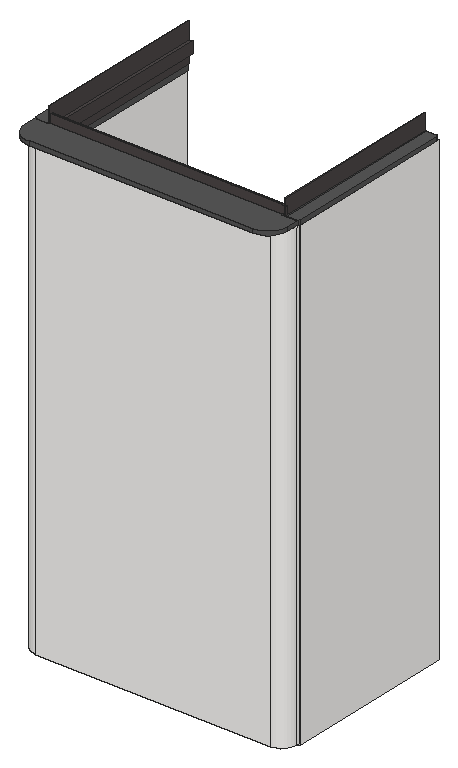
Revit family "vanity unit for handrinse basin, door hinge", category Furniture, Revit 2019 (continued)
Definition of nested family "vanity unit 340_245 for handrinse basin, door hinge left-54013670-natural oak-matt_black-200_content"
  Parameters (values of type "Vanity unit 340_245 for handrinse basin, door hinge left-54013670-Natural Oak-MATT_BLACK-200_Content")
    IFC = "Furnishing element"
    GTINCODE = "4059625455074"
    ETIM = "EC011381 | Bathroom furniture set"
    Default Elevation = 1219.2 mm
    DESIGN = "Germany"
    ContentVisible [instance] = yes
    CATALOG = "Hansgrohe"
    BIMOBJECT = "Sanitary: Compound units"
    BASENUMBER = "Vanity unit 340/245 for handrinse basin, door hinge left"
    ARTNR = "54013670"
  Reference planes
    plane 1 "Center (Front/Back)": y = 0
    plane 2: z = 0
    plane 3 "Center (Left/Right)": x = 0
  Forms (mm)
    Extrusion 1, solid, visible <- "ContentVisible", detail levels medium+fine
      sketch origin (0, 0, 0) x (1, 0, 0) y (0, 1, 0)
        loop
          line (-170, 0) -> (-170, -246) -> (170, -246) -> (170, 0) -> (154, 0) -> (154, -72) -> (-154, -72) -> (-154, 0) -> (-170, 0)
      from 0 to 600
    Extrusion 2, solid, visible <- "ContentVisible", detail levels medium+fine
      sketch origin (0, 0, 600) x (1, 0, 0) y (0, 1, 0)
        loop
          line (-168.5, -223.5) -> (-168.5, -266) -> (168.5, -266) -> (168.5, -223.5) -> (-168.5, -223.5)
      from 0 to 5
    Extrusion 3, solid, visible <- "ContentVisible", detail levels medium+fine
      sketch origin (0, 0, 0) x (1, 0, 0) y (0, 0, -1)
        loop
          line (-154, -566.8) -> (-154, -605) -> (-152.5, -605) -> (-152.5, -566.8) -> (-154, -566.8)
      from -225 to 0
    Extrusion 4, solid, visible <- "ContentVisible", detail levels medium+fine
      sketch origin (0, 0, 0) x (1, 0, 0) y (0, 0, -1)
        loop
          line (152.5, -566.8) -> (152.5, -605) -> (154, -605) -> (154, -566.8) -> (152.5, -566.8)
      from -225 to 0
    Extrusion 5, solid, visible <- "ContentVisible", detail levels medium+fine
      sketch origin (0, 0, 600) x (1, 0, 0) y (0, 1, 0)
        loop
          line (-170, 0) -> (-170, -225) -> (-154, -225) -> (-154, 0) -> (-170, 0)
      from 0 to 5
    Extrusion 6, solid, visible <- "ContentVisible", detail levels medium+fine
      sketch origin (0, 0, 600) x (1, 0, 0) y (0, 1, 0)
        loop
          line (154, 0) -> (154, -225) -> (170, -225) -> (170, 0) -> (154, 0)
      from 0 to 5
    Extrusion 7, solid, visible <- "ContentVisible", detail levels medium+fine
      sketch origin (0, 0, 0) x (1, 0, 0) y (0, 0, -1)
        loop
          line (-152.5, -575.3) -> (-152.5, -624.5) -> (-146.4, -624.5) -> (-146.4, -575.3) -> (-152.5, -575.3)
      from -223.5 to 0
    Extrusion 8, solid, visible <- "ContentVisible", detail levels medium+fine
      sketch origin (0, 0, 0) x (1, 0, 0) y (0, 0, -1)
        loop
          line (146.4, -575.3) -> (146.4, -624.5) -> (152.5, -624.5) -> (152.5, -575.3) -> (146.4, -575.3)
      from -223.5 to 0
    Extrusion 9, solid, visible <- "ContentVisible", detail levels medium+fine
      sketch origin (0, 0, 0) x (0, 0, -1) y (0, 1, 0)
        loop
          line (-616, -223.5) -> (-567, -223.5) -> (-567, -217.4) -> (-616, -217.4) -> (-616, -223.5)
      from -152.5 to 152.5
    Extrusion 10, solid, visible <- "ContentVisible", detail levels coarse
      sketch origin (0, -133, 0) x (1, 0, 0) y (0, 1, 0)
        loop
          line (-170, -133) -> (170, -133) -> (170, 133) -> (-170, 133) -> (-170, -133)
      from 0 to 624.5
  Dimensions and locks
    aligned and locked: level to plane 2
Definition of nested family "vanity unit 340_245 for handrinse basin, door hinge left-54013670-natural oak-matt_black-400_content"
  Parameters (values of type "Vanity unit 340_245 for handrinse basin, door hinge left-54013670-Natural Oak-MATT_BLACK-400_Content")
    etim7_EC011381 = "EC011381"
    WEIGHT = "9.9"
    UNSPSC = "56 | Furniture and Furnishings"
    UNIFORMATII = "E2010 | Fixed Furnishings"
    UNICLASS_2015_CODE = "40_30_78_05"
    UNICLASS2015 = "Pr_40_30_78_05 | Bathroom furniture"
    SURFACE = "MATT_BLACK"
    REGIONSET = "Worldwide"
    PRODUCTURL = "https://pro.hansgrohe.com/articledetail--54013000"
    PRODUCTGROUP = "vanity unit"
    PRODUCTFAMILY = "Xelu Q"
    PERMALINK = "54013XXX"
    OMNICLASS = "23-21 19 15 33 13 | Residential Bathroom Specialty Casework"
    OBJECTTYPE = "Object (single object)"
    OBERFLAECHE = "Natural Oak"
    NN = "Vanity Unit for handrinse basin, door hinge"
    NBSYN = "$BASENUMBER.-$ARTNR.-$OBERFLAECHE.-$SURFACE.-$LODLEVEL."
    NB = "Vanity unit 340/245 for handrinse basin, door hinge left-54013670-Natural Oak-MATT_BLACK-400"
    NAME = "Xelu Q Vanity unit Natual Oak 340/245 for handrinse basin, door hinge left"
    Model = "Vanity unit 340/245 for handrinse basin, door hinge left-54013670-Natural Oak-MATT_BLACK-400"
    Manufacturer = "Hansgrohe"
    MASTERFORMAT = "12 35 30.23 | Bathroom Casework"
    LODLEVEL = "400"
    LINA = "Vanity unit 340/245 for handrinse basin, door hinge left-54013670-Natural Oak-MATT_BLACK-400"
    L = 340
    IFC = "Furnishing element"
    GTINCODE = "4059625455074"
    ETIM = "EC011381 | Bathroom furniture set"
    Default Elevation = 1219.2 mm
    DESIGN = "Germany"
    ContentVisible [instance] = yes
    CATALOG = "Hansgrohe"
    BIMOBJECT = "Sanitary: Compound units"
    BASENUMBER = "Vanity unit 340/245 for handrinse basin, door hinge left"
    ARTNR = "54013670"
  Reference planes
    plane 1 "Center (Front/Back)": y = 0
    plane 2: z = 0
    plane 3 "Center (Left/Right)": x = 0
  Forms (mm)
    Extrusion 1, solid, visible <- "ContentVisible", detail levels medium+fine
      sketch origin (0, 0, 0) x (1, 0, 0) y (0, 1, 0)
        loop
          line (-170, 0) -> (-170, -222)
          arc (-170, -222) -> (-169.121, -224.121) -> (-167, -225) r 3
          line (-167, -225) -> (-154, -225) -> (-154, 0) -> (-170, 0)
      from 0 to 600
    Extrusion 2, solid, visible <- "ContentVisible", detail levels medium+fine
      sketch origin (0, 0, 2) x (1, 0, 0) y (0, 1, 0)
        loop
          line (-154, -88) -> (-154, -225) -> (154, -225) -> (154, -88) -> (-154, -88)
      from 0 to 16
    Extrusion 3, solid, visible <- "ContentVisible", detail levels medium+fine
      sketch origin (0, 0, 0) x (1, 0, 0) y (0, 1, 0)
        loop
          line (154, 0) -> (154, -225) -> (167, -225)
          arc (167, -225) -> (169.121, -224.121) -> (170, -222) r 3
          line (170, -222) -> (170, 0) -> (154, 0)
      from 0 to 600
    Extrusion 4, solid, visible <- "ContentVisible", detail levels medium+fine
      sketch origin (0, 0, 2) x (1, 0, 0) y (0, 1, 0)
        loop
          line (-154, -72) -> (-154, -88) -> (154, -88) -> (154, -72) -> (-154, -72)
      from 0 to 126
    Extrusion 5, solid, visible <- "ContentVisible", detail levels medium+fine
      sketch origin (0, 0, 2) x (1, 0, 0) y (0, 1, 0)
        loop
          arc (-170, -227) -> (-164.435, -240.435) -> (-151, -246) r 19
          line (-151, -246) -> (151, -246)
          arc (151, -246) -> (164.435, -240.435) -> (170, -227) r 19
          line (170, -227) -> (170, -225) -> (-170, -225) -> (-170, -227)
      from 0 to 598
    Extrusion 6, solid, visible <- "ContentVisible", detail levels medium+fine
      sketch origin (0, 0, 600) x (1, 0, 0) y (0, 1, 0)
        loop
          line (-168.5, -225) -> (-168.5, -241)
          arc (-168.5, -241) -> (-161.178, -258.678) -> (-143.5, -266) r 25
          line (-143.5, -266) -> (143.5, -266)
          arc (143.5, -266) -> (161.178, -258.678) -> (168.5, -241) r 25
          line (168.5, -241) -> (168.5, -225) -> (148.5, -225) -> (148.5, -223.5) -> (-148.5, -223.5) -> (-148.5, -225) -> (-168.5, -225)
      from 0 to 5
    Extrusion 7, solid, visible <- "ContentVisible", detail levels medium+fine
      sketch origin (0, 0, 0) x (0, 0, -1) y (0, 1, 0)
        loop
          line (-600, -223.5) -> (-600, -225) -> (-570, -225) -> (-570, -223.5) -> (-600, -223.5)
      from -148.5 to 148.5
    Extrusion 8, solid, visible <- "ContentVisible", detail levels medium+fine
      sketch origin (0, 0, 0) x (1, 0, 0) y (0, 0, -1)
        loop
          line (-154, -566.8) -> (-154, -605) -> (-152.5, -605) -> (-152.5, -566.8) -> (-154, -566.8)
      from -225 to 0
    Extrusion 9, solid, visible <- "ContentVisible", detail levels medium+fine
      sketch origin (0, 0, 0) x (1, 0, 0) y (0, 0, -1)
        loop
          line (152.5, -566.8) -> (152.5, -605) -> (154, -605) -> (154, -566.8) -> (152.5, -566.8)
      from -225 to 0
    Extrusion 10, solid, visible <- "ContentVisible", detail levels medium+fine
      sketch origin (0, 0, 600) x (1, 0, 0) y (0, 1, 0)
        loop
          line (-170, -3) -> (-170, -222)
          arc (-170, -222) -> (-169.121, -224.121) -> (-167, -225) r 3
          line (-167, -225) -> (-154, -225) -> (-154, 0) -> (-167, 0)
          arc (-167, 0) -> (-169.121, -0.879) -> (-170, -3) r 3
      from 0 to 5
    Extrusion 11, solid, visible <- "ContentVisible", detail levels medium+fine
      sketch origin (0, 0, 600) x (1, 0, 0) y (0, 1, 0)
        loop
          line (154, 0) -> (154, -225) -> (167, -225)
          arc (167, -225) -> (169.121, -224.121) -> (170, -222) r 3
          line (170, -222) -> (170, -3)
          arc (170, -3) -> (169.121, -0.879) -> (167, 0) r 3
          line (167, 0) -> (154, 0)
      from 0 to 5
    Extrusion 12, solid, visible <- "ContentVisible", detail levels medium+fine
      sketch origin (0, 0, 0) x (1, 0, 0) y (0, 0, -1)
        loop
          line (-152.5, -575.3) -> (-152.5, -624.5) -> (-151, -624.5) -> (-151, -602.8) -> (-146.4, -602.8) -> (-146.4, -588.3) -> (-151, -588.3) -> (-151, -575.3) -> (-152.5, -575.3)
      from -223.5 to 0
    Extrusion 13, solid, visible <- "ContentVisible", detail levels medium+fine
      sketch origin (0, 0, 0) x (1, 0, 0) y (0, 0, -1)
        loop
          line (146.4, -588.3) -> (146.4, -602.8) -> (151, -602.8) -> (151, -624.5) -> (152.5, -624.5) -> (152.5, -575.3) -> (151, -575.3) -> (151, -588.3) -> (146.4, -588.3)
      from -223.5 to 0
    Extrusion 14, solid, visible <- "ContentVisible", detail levels medium+fine
      sketch origin (0, 0, 0) x (0, 0, -1) y (0, 1, 0)
        loop
          line (-616, -223.5) -> (-567, -223.5) -> (-567, -222) -> (-588.5, -222) -> (-588.5, -217.4) -> (-603, -217.4) -> (-603, -222) -> (-616, -222) -> (-616, -223.5)
      from -152.5 to 152.5
    Extrusion 15, solid, visible <- "ContentVisible", detail levels coarse
      sketch origin (0, -133, 0) x (1, 0, 0) y (0, 1, 0)
        loop
          line (-170, -133) -> (170, -133) -> (170, 133) -> (-170, 133) -> (-170, -133)
      from 0 to 624.5
  Dimensions and locks
    aligned and locked: level to plane 2
Definition of nested family "vanity unit 340_245 for handrinse basin, door hinge left-54013700-natural oak-matt_white-200_content"
  Parameters (values of type "Vanity unit 340_245 for handrinse basin, door hinge left-54013700-Natural Oak-MATT_WHITE-200_Content")
    etim7_EC011381 = "EC011381"
    WEIGHT = "9.9"
    UNSPSC = "56 | Furniture and Furnishings"
    UNIFORMATII = "E2010 | Fixed Furnishings"
    UNICLASS_2015_CODE = "40_30_78_05"
    UNICLASS2015 = "Pr_40_30_78_05 | Bathroom furniture"
    SURFACE = "MATT_WHITE"
    REGIONSET = "Worldwide"
    PRODUCTURL = "https://pro.hansgrohe.com/articledetail--54013000"
    PRODUCTGROUP = "vanity unit"
    PRODUCTFAMILY = "Xelu Q"
    PERMALINK = "54013XXX"
    OMNICLASS = "23-21 19 15 33 13 | Residential Bathroom Specialty Casework"
    OBJECTTYPE = "Object (single object)"
    OBERFLAECHE = "Natural Oak"
    NN = "Vanity Unit for handrinse basin, door hinge"
    NBSYN = "$BASENUMBER.-$ARTNR.-$OBERFLAECHE.-$SURFACE.-$LODLEVEL."
    NB = "Vanity unit 340/245 for handrinse basin, door hinge left-54013700-Natural Oak-MATT_WHITE-200"
    NAME = "Xelu Q Vanity unit Natual Oak 340/245 for handrinse basin, door hinge left"
    Model = "Vanity unit 340/245 for handrinse basin, door hinge left-54013700-Natural Oak-MATT_WHITE-200"
    Manufacturer = "Hansgrohe"
    MASTERFORMAT = "12 35 30.23 | Bathroom Casework"
    LODLEVEL = "200"
    LINA = "Vanity unit 340/245 for handrinse basin, door hinge left-54013700-Natural Oak-MATT_WHITE-200"
    L = 340
    IFC = "Furnishing element"
    GTINCODE = "4059625455074"
    ETIM = "EC011381 | Bathroom furniture set"
    Default Elevation = 1219.2 mm
    DESIGN = "Germany"
    ContentVisible [instance] = yes
    CATALOG = "Hansgrohe"
    BIMOBJECT = "Sanitary: Compound units"
    BASENUMBER = "Vanity unit 340/245 for handrinse basin, door hinge left"
    ARTNR = "54013700"
  Reference planes
    plane 1 "Center (Front/Back)": y = 0
    plane 2: z = 0
    plane 3 "Center (Left/Right)": x = 0
  Forms (mm)
    Extrusion 1, solid, visible <- "ContentVisible", detail levels medium+fine
      sketch origin (0, 0, 0) x (1, 0, 0) y (0, 1, 0)
        loop
          line (-170, 0) -> (-170, -246) -> (170, -246) -> (170, 0) -> (154, 0) -> (154, -72) -> (-154, -72) -> (-154, 0) -> (-170, 0)
      from 0 to 600
    Extrusion 2, solid, visible <- "ContentVisible", detail levels medium+fine
      sketch origin (0, 0, 600) x (1, 0, 0) y (0, 1, 0)
        loop
          line (-168.5, -223.5) -> (-168.5, -266) -> (168.5, -266) -> (168.5, -223.5) -> (-168.5, -223.5)
      from 0 to 5
    Extrusion 3, solid, visible <- "ContentVisible", detail levels medium+fine
      sketch origin (0, 0, 0) x (1, 0, 0) y (0, 0, -1)
        loop
          line (-154, -566.8) -> (-154, -605) -> (-152.5, -605) -> (-152.5, -566.8) -> (-154, -566.8)
      from -225 to 0
    Extrusion 4, solid, visible <- "ContentVisible", detail levels medium+fine
      sketch origin (0, 0, 0) x (1, 0, 0) y (0, 0, -1)
        loop
          line (152.5, -566.8) -> (152.5, -605) -> (154, -605) -> (154, -566.8) -> (152.5, -566.8)
      from -225 to 0
    Extrusion 5, solid, visible <- "ContentVisible", detail levels medium+fine
      sketch origin (0, 0, 600) x (1, 0, 0) y (0, 1, 0)
        loop
          line (-170, 0) -> (-170, -225) -> (-154, -225) -> (-154, 0) -> (-170, 0)
      from 0 to 5
    Extrusion 6, solid, visible <- "ContentVisible", detail levels medium+fine
      sketch origin (0, 0, 600) x (1, 0, 0) y (0, 1, 0)
        loop
          line (154, 0) -> (154, -225) -> (170, -225) -> (170, 0) -> (154, 0)
      from 0 to 5
    Extrusion 7, solid, visible <- "ContentVisible", detail levels medium+fine
      sketch origin (0, 0, 0) x (1, 0, 0) y (0, 0, -1)
        loop
          line (-152.5, -575.3) -> (-152.5, -624.5) -> (-146.4, -624.5) -> (-146.4, -575.3) -> (-152.5, -575.3)
      from -223.5 to 0
    Extrusion 8, solid, visible <- "ContentVisible", detail levels medium+fine
      sketch origin (0, 0, 0) x (1, 0, 0) y (0, 0, -1)
        loop
          line (146.4, -575.3) -> (146.4, -624.5) -> (152.5, -624.5) -> (152.5, -575.3) -> (146.4, -575.3)
      from -223.5 to 0
    Extrusion 9, solid, visible <- "ContentVisible", detail levels medium+fine
      sketch origin (0, 0, 0) x (0, 0, -1) y (0, 1, 0)
        loop
          line (-616, -223.5) -> (-567, -223.5) -> (-567, -217.4) -> (-616, -217.4) -> (-616, -223.5)
      from -152.5 to 152.5
    Extrusion 10, solid, visible <- "ContentVisible", detail levels coarse
      sketch origin (0, -133, 0) x (1, 0, 0) y (0, 1, 0)
        loop
          line (-170, -133) -> (170, -133) -> (170, 133) -> (-170, 133) -> (-170, -133)
      from 0 to 624.5
  Dimensions and locks
    aligned and locked: level to plane 2
Definition of nested family "vanity unit 340_245 for handrinse basin, door hinge left-54013700-natural oak-matt_white-400_content"
  Parameters (values of type "Vanity unit 340_245 for handrinse basin, door hinge left-54013700-Natural Oak-MATT_WHITE-400_Content")
    etim7_EC011381 = "EC011381"
    WEIGHT = "9.9"
    UNSPSC = "56 | Furniture and Furnishings"
    UNIFORMATII = "E2010 | Fixed Furnishings"
    UNICLASS_2015_CODE = "40_30_78_05"
    UNICLASS2015 = "Pr_40_30_78_05 | Bathroom furniture"
    SURFACE = "MATT_WHITE"
    REGIONSET = "Worldwide"
    PRODUCTURL = "https://pro.hansgrohe.com/articledetail--54013000"
    PRODUCTGROUP = "vanity unit"
    PRODUCTFAMILY = "Xelu Q"
    PERMALINK = "54013XXX"
    OMNICLASS = "23-21 19 15 33 13 | Residential Bathroom Specialty Casework"
    OBJECTTYPE = "Object (single object)"
    OBERFLAECHE = "Natural Oak"
    NN = "Vanity Unit for handrinse basin, door hinge"
    NBSYN = "$BASENUMBER.-$ARTNR.-$OBERFLAECHE.-$SURFACE.-$LODLEVEL."
    NB = "Vanity unit 340/245 for handrinse basin, door hinge left-54013700-Natural Oak-MATT_WHITE-400"
    NAME = "Xelu Q Vanity unit Natual Oak 340/245 for handrinse basin, door hinge left"
    Model = "Vanity unit 340/245 for handrinse basin, door hinge left-54013700-Natural Oak-MATT_WHITE-400"
    Manufacturer = "Hansgrohe"
    MASTERFORMAT = "12 35 30.23 | Bathroom Casework"
    LODLEVEL = "400"
    LINA = "Vanity unit 340/245 for handrinse basin, door hinge left-54013700-Natural Oak-MATT_WHITE-400"
    L = 340
    IFC = "Furnishing element"
    GTINCODE = "4059625455074"
    ETIM = "EC011381 | Bathroom furniture set"
    Default Elevation = 1219.2 mm
    DESIGN = "Germany"
    ContentVisible [instance] = yes
    CATALOG = "Hansgrohe"
    BIMOBJECT = "Sanitary: Compound units"
    BASENUMBER = "Vanity unit 340/245 for handrinse basin, door hinge left"
    ARTNR = "54013700"
  Reference planes
    plane 1 "Center (Front/Back)": y = 0
    plane 2: z = 0
    plane 3 "Center (Left/Right)": x = 0
  Forms (mm)
    Extrusion 1, solid, visible <- "ContentVisible", detail levels medium+fine
      sketch origin (0, 0, 0) x (1, 0, 0) y (0, 1, 0)
        loop
          line (-170, 0) -> (-170, -222)
          arc (-170, -222) -> (-169.121, -224.121) -> (-167, -225) r 3
          line (-167, -225) -> (-154, -225) -> (-154, 0) -> (-170, 0)
      from 0 to 600
    Extrusion 2, solid, visible <- "ContentVisible", detail levels medium+fine
      sketch origin (0, 0, 2) x (1, 0, 0) y (0, 1, 0)
        loop
          line (-154, -88) -> (-154, -225) -> (154, -225) -> (154, -88) -> (-154, -88)
      from 0 to 16
    Extrusion 3, solid, visible <- "ContentVisible", detail levels medium+fine
      sketch origin (0, 0, 0) x (1, 0, 0) y (0, 1, 0)
        loop
          line (154, 0) -> (154, -225) -> (167, -225)
          arc (167, -225) -> (169.121, -224.121) -> (170, -222) r 3
          line (170, -222) -> (170, 0) -> (154, 0)
      from 0 to 600
    Extrusion 4, solid, visible <- "ContentVisible", detail levels medium+fine
      sketch origin (0, 0, 2) x (1, 0, 0) y (0, 1, 0)
        loop
          line (-154, -72) -> (-154, -88) -> (154, -88) -> (154, -72) -> (-154, -72)
      from 0 to 126
    Extrusion 5, solid, visible <- "ContentVisible", detail levels medium+fine
      sketch origin (0, 0, 2) x (1, 0, 0) y (0, 1, 0)
        loop
          arc (-170, -227) -> (-164.435, -240.435) -> (-151, -246) r 19
          line (-151, -246) -> (151, -246)
          arc (151, -246) -> (164.435, -240.435) -> (170, -227) r 19
          line (170, -227) -> (170, -225) -> (-170, -225) -> (-170, -227)
      from 0 to 598
    Extrusion 6, solid, visible <- "ContentVisible", detail levels medium+fine
      sketch origin (0, 0, 600) x (1, 0, 0) y (0, 1, 0)
        loop
          line (-168.5, -225) -> (-168.5, -241)
          arc (-168.5, -241) -> (-161.178, -258.678) -> (-143.5, -266) r 25
          line (-143.5, -266) -> (143.5, -266)
          arc (143.5, -266) -> (161.178, -258.678) -> (168.5, -241) r 25
          line (168.5, -241) -> (168.5, -225) -> (148.5, -225) -> (148.5, -223.5) -> (-148.5, -223.5) -> (-148.5, -225) -> (-168.5, -225)
      from 0 to 5
    Extrusion 7, solid, visible <- "ContentVisible", detail levels medium+fine
      sketch origin (0, 0, 0) x (0, 0, -1) y (0, 1, 0)
        loop
          line (-600, -223.5) -> (-600, -225) -> (-570, -225) -> (-570, -223.5) -> (-600, -223.5)
      from -148.5 to 148.5
    Extrusion 8, solid, visible <- "ContentVisible", detail levels medium+fine
      sketch origin (0, 0, 0) x (1, 0, 0) y (0, 0, -1)
        loop
          line (-154, -566.8) -> (-154, -605) -> (-152.5, -605) -> (-152.5, -566.8) -> (-154, -566.8)
      from -225 to 0
    Extrusion 9, solid, visible <- "ContentVisible", detail levels medium+fine
      sketch origin (0, 0, 0) x (1, 0, 0) y (0, 0, -1)
        loop
          line (152.5, -566.8) -> (152.5, -605) -> (154, -605) -> (154, -566.8) -> (152.5, -566.8)
      from -225 to 0
    Extrusion 10, solid, visible <- "ContentVisible", detail levels medium+fine
      sketch origin (0, 0, 600) x (1, 0, 0) y (0, 1, 0)
        loop
          line (-170, -3) -> (-170, -222)
          arc (-170, -222) -> (-169.121, -224.121) -> (-167, -225) r 3
          line (-167, -225) -> (-154, -225) -> (-154, 0) -> (-167, 0)
          arc (-167, 0) -> (-169.121, -0.879) -> (-170, -3) r 3
      from 0 to 5
    Extrusion 11, solid, visible <- "ContentVisible", detail levels medium+fine
      sketch origin (0, 0, 600) x (1, 0, 0) y (0, 1, 0)
        loop
          line (154, 0) -> (154, -225) -> (167, -225)
          arc (167, -225) -> (169.121, -224.121) -> (170, -222) r 3
          line (170, -222) -> (170, -3)
          arc (170, -3) -> (169.121, -0.879) -> (167, 0) r 3
          line (167, 0) -> (154, 0)
      from 0 to 5
    Extrusion 12, solid, visible <- "ContentVisible", detail levels medium+fine
      sketch origin (0, 0, 0) x (1, 0, 0) y (0, 0, -1)
        loop
          line (-152.5, -575.3) -> (-152.5, -624.5) -> (-151, -624.5) -> (-151, -602.8) -> (-146.4, -602.8) -> (-146.4, -588.3) -> (-151, -588.3) -> (-151, -575.3) -> (-152.5, -575.3)
      from -223.5 to 0
    Extrusion 13, solid, visible <- "ContentVisible", detail levels medium+fine
      sketch origin (0, 0, 0) x (1, 0, 0) y (0, 0, -1)
        loop
          line (146.4, -588.3) -> (146.4, -602.8) -> (151, -602.8) -> (151, -624.5) -> (152.5, -624.5) -> (152.5, -575.3) -> (151, -575.3) -> (151, -588.3) -> (146.4, -588.3)
      from -223.5 to 0
    Extrusion 14, solid, visible <- "ContentVisible", detail levels medium+fine
      sketch origin (0, 0, 0) x (0, 0, -1) y (0, 1, 0)
        loop
          line (-616, -223.5) -> (-567, -223.5) -> (-567, -222) -> (-588.5, -222) -> (-588.5, -217.4) -> (-603, -217.4) -> (-603, -222) -> (-616, -222) -> (-616, -223.5)
      from -152.5 to 152.5
    Extrusion 15, solid, visible <- "ContentVisible", detail levels coarse
      sketch origin (0, -133, 0) x (1, 0, 0) y (0, 1, 0)
        loop
          line (-170, -133) -> (170, -133) -> (170, 133) -> (-170, 133) -> (-170, -133)
      from 0 to 624.5
  Dimensions and locks
    aligned and locked: level to plane 2
Definition of nested family "vanity unit 340_245 for handrinse basin, door hinge left-54014000-dark walnut-chrome-200_content"
  Parameters (values of type "Vanity unit 340_245 for handrinse basin, door hinge left-54014000-Dark Walnut-CHROME-200_Content")
    etim7_EC011381 = "EC011381"
    WEIGHT = "9.9"
    UNSPSC = "56 | Furniture and Furnishings"
    UNIFORMATII = "E2010 | Fixed Furnishings"
    UNICLASS_2015_CODE = "40_30_78_05"
    UNICLASS2015 = "Pr_40_30_78_05 | Bathroom furniture"
    SURFACE = "CHROME"
    REGIONSET = "Worldwide"
    PRODUCTURL = "https://pro.hansgrohe.com/articledetail--54014000"
    PRODUCTGROUP = "vanity unit"
    PRODUCTFAMILY = "Xelu Q"
    PERMALINK = "54014XXX"
    OMNICLASS = "23-21 19 15 33 13 | Residential Bathroom Specialty Casework"
    OBJECTTYPE = "Object (single object)"
    OBERFLAECHE = "Dark Walnut"
    NN = "Vanity Unit for handrinse basin, door hinge"
    NBSYN = "$BASENUMBER.-$ARTNR.-$OBERFLAECHE.-$SURFACE.-$LODLEVEL."
    NB = "Vanity unit 340/245 for handrinse basin, door hinge left-54014000-Dark Walnut-CHROME-200"
    NAME = "Xelu Q Vanity unit Dark Walnut 340/245 for handrinse basin, door hinge left"
    Model = "Vanity unit 340/245 for handrinse basin, door hinge left-54014000-Dark Walnut-CHROME-200"
    Manufacturer = "Hansgrohe"
    MASTERFORMAT = "12 35 30.23 | Bathroom Casework"
    LODLEVEL = "200"
    LINA = "Vanity unit 340/245 for handrinse basin, door hinge left-54014000-Dark Walnut-CHROME-200"
    L = 340
    IFC = "Furnishing element"
    GTINCODE = "4059625455043"
    ETIM = "EC011381 | Bathroom furniture set"
    Default Elevation = 1219.2 mm
    DESIGN = "Germany"
    ContentVisible [instance] = yes
    CATALOG = "Hansgrohe"
    BIMOBJECT = "Sanitary: Compound units"
    BASENUMBER = "Vanity unit 340/245 for handrinse basin, door hinge left"
    ARTNR = "54014000"
  Reference planes
    plane 1 "Center (Front/Back)": y = 0
    plane 2: z = 0
    plane 3 "Center (Left/Right)": x = 0
  Forms (mm)
    Extrusion 1, solid, visible <- "ContentVisible", detail levels medium+fine
      sketch origin (0, 0, 0) x (1, 0, 0) y (0, 1, 0)
        loop
          line (-170, 0) -> (-170, -246) -> (170, -246) -> (170, 0) -> (154, 0) -> (154, -72) -> (-154, -72) -> (-154, 0) -> (-170, 0)
      from 0 to 600
    Extrusion 2, solid, visible <- "ContentVisible", detail levels medium+fine
      sketch origin (0, 0, 600) x (1, 0, 0) y (0, 1, 0)
        loop
          line (-168.5, -223.5) -> (-168.5, -266) -> (168.5, -266) -> (168.5, -223.5) -> (-168.5, -223.5)
      from 0 to 5
    Extrusion 3, solid, visible <- "ContentVisible", detail levels medium+fine
      sketch origin (0, 0, 0) x (1, 0, 0) y (0, 0, -1)
        loop
          line (-154, -566.8) -> (-154, -605) -> (-152.5, -605) -> (-152.5, -566.8) -> (-154, -566.8)
      from -225 to 0
    Extrusion 4, solid, visible <- "ContentVisible", detail levels medium+fine
      sketch origin (0, 0, 0) x (1, 0, 0) y (0, 0, -1)
        loop
          line (152.5, -566.8) -> (152.5, -605) -> (154, -605) -> (154, -566.8) -> (152.5, -566.8)
      from -225 to 0
    Extrusion 5, solid, visible <- "ContentVisible", detail levels medium+fine
      sketch origin (0, 0, 600) x (1, 0, 0) y (0, 1, 0)
        loop
          line (-170, 0) -> (-170, -225) -> (-154, -225) -> (-154, 0) -> (-170, 0)
      from 0 to 5
    Extrusion 6, solid, visible <- "ContentVisible", detail levels medium+fine
      sketch origin (0, 0, 600) x (1, 0, 0) y (0, 1, 0)
        loop
          line (154, 0) -> (154, -225) -> (170, -225) -> (170, 0) -> (154, 0)
      from 0 to 5
    Extrusion 7, solid, visible <- "ContentVisible", detail levels medium+fine
      sketch origin (0, 0, 0) x (1, 0, 0) y (0, 0, -1)
        loop
          line (-152.5, -575.3) -> (-152.5, -624.5) -> (-146.4, -624.5) -> (-146.4, -575.3) -> (-152.5, -575.3)
      from -223.5 to 0
    Extrusion 8, solid, visible <- "ContentVisible", detail levels medium+fine
      sketch origin (0, 0, 0) x (1, 0, 0) y (0, 0, -1)
        loop
          line (146.4, -575.3) -> (146.4, -624.5) -> (152.5, -624.5) -> (152.5, -575.3) -> (146.4, -575.3)
      from -223.5 to 0
    Extrusion 9, solid, visible <- "ContentVisible", detail levels medium+fine
      sketch origin (0, 0, 0) x (0, 0, -1) y (0, 1, 0)
        loop
          line (-616, -223.5) -> (-567, -223.5) -> (-567, -217.4) -> (-616, -217.4) -> (-616, -223.5)
      from -152.5 to 152.5
    Extrusion 10, solid, visible <- "ContentVisible", detail levels coarse
      sketch origin (0, -133, 0) x (1, 0, 0) y (0, 1, 0)
        loop
          line (-170, -133) -> (170, -133) -> (170, 133) -> (-170, 133) -> (-170, -133)
      from 0 to 624.5
  Dimensions and locks
    aligned and locked: level to plane 2
Definition of nested family "vanity unit 340_245 for handrinse basin, door hinge left-54014000-dark walnut-chrome-400_content"
  Parameters (values of type "Vanity unit 340_245 for handrinse basin, door hinge left-54014000-Dark Walnut-CHROME-400_Content")
    etim7_EC011381 = "EC011381"
    WEIGHT = "9.9"
    UNSPSC = "56 | Furniture and Furnishings"
    UNIFORMATII = "E2010 | Fixed Furnishings"
    UNICLASS_2015_CODE = "40_30_78_05"
    UNICLASS2015 = "Pr_40_30_78_05 | Bathroom furniture"
    SURFACE = "CHROME"
    REGIONSET = "Worldwide"
    PRODUCTURL = "https://pro.hansgrohe.com/articledetail--54014000"
    PRODUCTGROUP = "vanity unit"
    PRODUCTFAMILY = "Xelu Q"
    PERMALINK = "54014XXX"
    OMNICLASS = "23-21 19 15 33 13 | Residential Bathroom Specialty Casework"
    OBJECTTYPE = "Object (single object)"
    OBERFLAECHE = "Dark Walnut"
    NN = "Vanity Unit for handrinse basin, door hinge"
    NBSYN = "$BASENUMBER.-$ARTNR.-$OBERFLAECHE.-$SURFACE.-$LODLEVEL."
    NB = "Vanity unit 340/245 for handrinse basin, door hinge left-54014000-Dark Walnut-CHROME-400"
    NAME = "Xelu Q Vanity unit Dark Walnut 340/245 for handrinse basin, door hinge left"
    Model = "Vanity unit 340/245 for handrinse basin, door hinge left-54014000-Dark Walnut-CHROME-400"
    Manufacturer = "Hansgrohe"
    MASTERFORMAT = "12 35 30.23 | Bathroom Casework"
    LODLEVEL = "400"
    LINA = "Vanity unit 340/245 for handrinse basin, door hinge left-54014000-Dark Walnut-CHROME-400"
    L = 340
    IFC = "Furnishing element"
    GTINCODE = "4059625455043"
    ETIM = "EC011381 | Bathroom furniture set"
    Default Elevation = 1219.2 mm
    DESIGN = "Germany"
    ContentVisible [instance] = yes
    CATALOG = "Hansgrohe"
    BIMOBJECT = "Sanitary: Compound units"
    BASENUMBER = "Vanity unit 340/245 for handrinse basin, door hinge left"
    ARTNR = "54014000"
  Reference planes
    plane 1 "Center (Front/Back)": y = 0
    plane 2: z = 0
    plane 3 "Center (Left/Right)": x = 0
  Forms (mm)
    Extrusion 1, solid, visible <- "ContentVisible", detail levels medium+fine
      sketch origin (0, 0, 0) x (1, 0, 0) y (0, 1, 0)
        loop
          line (-170, 0) -> (-170, -222)
          arc (-170, -222) -> (-169.121, -224.121) -> (-167, -225) r 3
          line (-167, -225) -> (-154, -225) -> (-154, 0) -> (-170, 0)
      from 0 to 600
    Extrusion 2, solid, visible <- "ContentVisible", detail levels medium+fine
      sketch origin (0, 0, 2) x (1, 0, 0) y (0, 1, 0)
        loop
          line (-154, -88) -> (-154, -225) -> (154, -225) -> (154, -88) -> (-154, -88)
      from 0 to 16
    Extrusion 3, solid, visible <- "ContentVisible", detail levels medium+fine
      sketch origin (0, 0, 0) x (1, 0, 0) y (0, 1, 0)
        loop
          line (154, 0) -> (154, -225) -> (167, -225)
          arc (167, -225) -> (169.121, -224.121) -> (170, -222) r 3
          line (170, -222) -> (170, 0) -> (154, 0)
      from 0 to 600
    Extrusion 4, solid, visible <- "ContentVisible", detail levels medium+fine
      sketch origin (0, 0, 2) x (1, 0, 0) y (0, 1, 0)
        loop
          line (-154, -72) -> (-154, -88) -> (154, -88) -> (154, -72) -> (-154, -72)
      from 0 to 126
    Extrusion 5, solid, visible <- "ContentVisible", detail levels medium+fine
      sketch origin (0, 0, 2) x (1, 0, 0) y (0, 1, 0)
        loop
          arc (-170, -227) -> (-164.435, -240.435) -> (-151, -246) r 19
          line (-151, -246) -> (151, -246)
          arc (151, -246) -> (164.435, -240.435) -> (170, -227) r 19
          line (170, -227) -> (170, -225) -> (-170, -225) -> (-170, -227)
      from 0 to 598
    Extrusion 6, solid, visible <- "ContentVisible", detail levels medium+fine
      sketch origin (0, 0, 600) x (1, 0, 0) y (0, 1, 0)
        loop
          line (-168.5, -225) -> (-168.5, -241)
          arc (-168.5, -241) -> (-161.178, -258.678) -> (-143.5, -266) r 25
          line (-143.5, -266) -> (143.5, -266)
          arc (143.5, -266) -> (161.178, -258.678) -> (168.5, -241) r 25
          line (168.5, -241) -> (168.5, -225) -> (148.5, -225) -> (148.5, -223.5) -> (-148.5, -223.5) -> (-148.5, -225) -> (-168.5, -225)
      from 0 to 5
    Extrusion 7, solid, visible <- "ContentVisible", detail levels medium+fine
      sketch origin (0, 0, 0) x (0, 0, -1) y (0, 1, 0)
        loop
          line (-600, -223.5) -> (-600, -225) -> (-570, -225) -> (-570, -223.5) -> (-600, -223.5)
      from -148.5 to 148.5
    Extrusion 8, solid, visible <- "ContentVisible", detail levels medium+fine
      sketch origin (0, 0, 0) x (1, 0, 0) y (0, 0, -1)
        loop
          line (-154, -566.8) -> (-154, -605) -> (-152.5, -605) -> (-152.5, -566.8) -> (-154, -566.8)
      from -225 to 0
    Extrusion 9, solid, visible <- "ContentVisible", detail levels medium+fine
      sketch origin (0, 0, 0) x (1, 0, 0) y (0, 0, -1)
        loop
          line (152.5, -566.8) -> (152.5, -605) -> (154, -605) -> (154, -566.8) -> (152.5, -566.8)
      from -225 to 0
    Extrusion 10, solid, visible <- "ContentVisible", detail levels medium+fine
      sketch origin (0, 0, 600) x (1, 0, 0) y (0, 1, 0)
        loop
          line (-170, -3) -> (-170, -222)
          arc (-170, -222) -> (-169.121, -224.121) -> (-167, -225) r 3
          line (-167, -225) -> (-154, -225) -> (-154, 0) -> (-167, 0)
          arc (-167, 0) -> (-169.121, -0.879) -> (-170, -3) r 3
      from 0 to 5
    Extrusion 11, solid, visible <- "ContentVisible", detail levels medium+fine
      sketch origin (0, 0, 600) x (1, 0, 0) y (0, 1, 0)
        loop
          line (154, 0) -> (154, -225) -> (167, -225)
          arc (167, -225) -> (169.121, -224.121) -> (170, -222) r 3
          line (170, -222) -> (170, -3)
          arc (170, -3) -> (169.121, -0.879) -> (167, 0) r 3
          line (167, 0) -> (154, 0)
      from 0 to 5
    Extrusion 12, solid, visible <- "ContentVisible", detail levels medium+fine
      sketch origin (0, 0, 0) x (1, 0, 0) y (0, 0, -1)
        loop
          line (-152.5, -575.3) -> (-152.5, -624.5) -> (-151, -624.5) -> (-151, -602.8) -> (-146.4, -602.8) -> (-146.4, -588.3) -> (-151, -588.3) -> (-151, -575.3) -> (-152.5, -575.3)
      from -223.5 to 0
    Extrusion 13, solid, visible <- "ContentVisible", detail levels medium+fine
      sketch origin (0, 0, 0) x (1, 0, 0) y (0, 0, -1)
        loop
          line (146.4, -588.3) -> (146.4, -602.8) -> (151, -602.8) -> (151, -624.5) -> (152.5, -624.5) -> (152.5, -575.3) -> (151, -575.3) -> (151, -588.3) -> (146.4, -588.3)
      from -223.5 to 0
    Extrusion 14, solid, visible <- "ContentVisible", detail levels medium+fine
      sketch origin (0, 0, 0) x (0, 0, -1) y (0, 1, 0)
        loop
          line (-616, -223.5) -> (-567, -223.5) -> (-567, -222) -> (-588.5, -222) -> (-588.5, -217.4) -> (-603, -217.4) -> (-603, -222) -> (-616, -222) -> (-616, -223.5)
      from -152.5 to 152.5
    Extrusion 15, solid, visible <- "ContentVisible", detail levels coarse
      sketch origin (0, -133, 0) x (1, 0, 0) y (0, 1, 0)
        loop
          line (-170, -133) -> (170, -133) -> (170, 133) -> (-170, 133) -> (-170, -133)
      from 0 to 624.5
  Dimensions and locks
    aligned and locked: level to plane 2
Definition of nested family "vanity unit 340_245 for handrinse basin, door hinge left-54014670-dark walnut-matt_black-200_content"
  Parameters (values of type "Vanity unit 340_245 for handrinse basin, door hinge left-54014670-Dark Walnut-MATT_BLACK-200_Content")
    etim7_EC011381 = "EC011381"
    WEIGHT = "9.9"
    UNSPSC = "56 | Furniture and Furnishings"
    UNIFORMATII = "E2010 | Fixed Furnishings"
    UNICLASS_2015_CODE = "40_30_78_05"
    UNICLASS2015 = "Pr_40_30_78_05 | Bathroom furniture"
    SURFACE = "MATT_BLACK"
    REGIONSET = "Worldwide"
    PRODUCTURL = "https://pro.hansgrohe.com/articledetail--54014000"
    PRODUCTGROUP = "vanity unit"
    PRODUCTFAMILY = "Xelu Q"
    PERMALINK = "54014XXX"
    OMNICLASS = "23-21 19 15 33 13 | Residential Bathroom Specialty Casework"
    OBJECTTYPE = "Object (single object)"
    OBERFLAECHE = "Dark Walnut"
    NN = "Vanity Unit for handrinse basin, door hinge"
    NBSYN = "$BASENUMBER.-$ARTNR.-$OBERFLAECHE.-$SURFACE.-$LODLEVEL."
    NB = "Vanity unit 340/245 for handrinse basin, door hinge left-54014670-Dark Walnut-MATT_BLACK-200"
    NAME = "Xelu Q Vanity unit Dark Walnut 340/245 for handrinse basin, door hinge left"
    Model = "Vanity unit 340/245 for handrinse basin, door hinge left-54014670-Dark Walnut-MATT_BLACK-200"
    Manufacturer = "Hansgrohe"
    MASTERFORMAT = "12 35 30.23 | Bathroom Casework"
    LODLEVEL = "200"
    LINA = "Vanity unit 340/245 for handrinse basin, door hinge left-54014670-Dark Walnut-MATT_BLACK-200"
    L = 340
    IFC = "Furnishing element"
    GTINCODE = "4059625455043"
    ETIM = "EC011381 | Bathroom furniture set"
    Default Elevation = 1219.2 mm
    DESIGN = "Germany"
    ContentVisible [instance] = yes
    CATALOG = "Hansgrohe"
    BIMOBJECT = "Sanitary: Compound units"
    BASENUMBER = "Vanity unit 340/245 for handrinse basin, door hinge left"
    ARTNR = "54014670"
  Reference planes
    plane 1 "Center (Front/Back)": y = 0
    plane 2: z = 0
    plane 3 "Center (Left/Right)": x = 0
  Forms (mm)
    Extrusion 1, solid, visible <- "ContentVisible", detail levels medium+fine
      sketch origin (0, 0, 0) x (1, 0, 0) y (0, 1, 0)
        loop
          line (-170, 0) -> (-170, -246) -> (170, -246) -> (170, 0) -> (154, 0) -> (154, -72) -> (-154, -72) -> (-154, 0) -> (-170, 0)
      from 0 to 600
    Extrusion 2, solid, visible <- "ContentVisible", detail levels medium+fine
      sketch origin (0, 0, 600) x (1, 0, 0) y (0, 1, 0)
        loop
          line (-168.5, -223.5) -> (-168.5, -266) -> (168.5, -266) -> (168.5, -223.5) -> (-168.5, -223.5)
      from 0 to 5
    Extrusion 3, solid, visible <- "ContentVisible", detail levels medium+fine
      sketch origin (0, 0, 0) x (1, 0, 0) y (0, 0, -1)
        loop
          line (-154, -566.8) -> (-154, -605) -> (-152.5, -605) -> (-152.5, -566.8) -> (-154, -566.8)
      from -225 to 0
    Extrusion 4, solid, visible <- "ContentVisible", detail levels medium+fine
      sketch origin (0, 0, 0) x (1, 0, 0) y (0, 0, -1)
        loop
          line (152.5, -566.8) -> (152.5, -605) -> (154, -605) -> (154, -566.8) -> (152.5, -566.8)
      from -225 to 0
    Extrusion 5, solid, visible <- "ContentVisible", detail levels medium+fine
      sketch origin (0, 0, 600) x (1, 0, 0) y (0, 1, 0)
        loop
          line (-170, 0) -> (-170, -225) -> (-154, -225) -> (-154, 0) -> (-170, 0)
      from 0 to 5
    Extrusion 6, solid, visible <- "ContentVisible", detail levels medium+fine
      sketch origin (0, 0, 600) x (1, 0, 0) y (0, 1, 0)
        loop
          line (154, 0) -> (154, -225) -> (170, -225) -> (170, 0) -> (154, 0)
      from 0 to 5
    Extrusion 7, solid, visible <- "ContentVisible", detail levels medium+fine
      sketch origin (0, 0, 0) x (1, 0, 0) y (0, 0, -1)
        loop
          line (-152.5, -575.3) -> (-152.5, -624.5) -> (-146.4, -624.5) -> (-146.4, -575.3) -> (-152.5, -575.3)
      from -223.5 to 0
    Extrusion 8, solid, visible <- "ContentVisible", detail levels medium+fine
      sketch origin (0, 0, 0) x (1, 0, 0) y (0, 0, -1)
        loop
          line (146.4, -575.3) -> (146.4, -624.5) -> (152.5, -624.5) -> (152.5, -575.3) -> (146.4, -575.3)
      from -223.5 to 0
    Extrusion 9, solid, visible <- "ContentVisible", detail levels medium+fine
      sketch origin (0, 0, 0) x (0, 0, -1) y (0, 1, 0)
        loop
          line (-616, -223.5) -> (-567, -223.5) -> (-567, -217.4) -> (-616, -217.4) -> (-616, -223.5)
      from -152.5 to 152.5
    Extrusion 10, solid, visible <- "ContentVisible", detail levels coarse
      sketch origin (0, -133, 0) x (1, 0, 0) y (0, 1, 0)
        loop
          line (-170, -133) -> (170, -133) -> (170, 133) -> (-170, 133) -> (-170, -133)
      from 0 to 624.5
  Dimensions and locks
    aligned and locked: level to plane 2
Definition of nested family "vanity unit 340_245 for handrinse basin, door hinge left-54014670-dark walnut-matt_black-400_content"
  Parameters (values of type "Vanity unit 340_245 for handrinse basin, door hinge left-54014670-Dark Walnut-MATT_BLACK-400_Content")
    etim7_EC011381 = "EC011381"
    WEIGHT = "9.9"
    UNSPSC = "56 | Furniture and Furnishings"
    UNIFORMATII = "E2010 | Fixed Furnishings"
    UNICLASS_2015_CODE = "40_30_78_05"
    UNICLASS2015 = "Pr_40_30_78_05 | Bathroom furniture"
    SURFACE = "MATT_BLACK"
    REGIONSET = "Worldwide"
    PRODUCTURL = "https://pro.hansgrohe.com/articledetail--54014000"
    PRODUCTGROUP = "vanity unit"
    PRODUCTFAMILY = "Xelu Q"
    PERMALINK = "54014XXX"
    OMNICLASS = "23-21 19 15 33 13 | Residential Bathroom Specialty Casework"
    OBJECTTYPE = "Object (single object)"
    OBERFLAECHE = "Dark Walnut"
    NN = "Vanity Unit for handrinse basin, door hinge"
    NBSYN = "$BASENUMBER.-$ARTNR.-$OBERFLAECHE.-$SURFACE.-$LODLEVEL."
    NB = "Vanity unit 340/245 for handrinse basin, door hinge left-54014670-Dark Walnut-MATT_BLACK-400"
    NAME = "Xelu Q Vanity unit Dark Walnut 340/245 for handrinse basin, door hinge left"
    Model = "Vanity unit 340/245 for handrinse basin, door hinge left-54014670-Dark Walnut-MATT_BLACK-400"
    Manufacturer = "Hansgrohe"
    MASTERFORMAT = "12 35 30.23 | Bathroom Casework"
    LODLEVEL = "400"
    LINA = "Vanity unit 340/245 for handrinse basin, door hinge left-54014670-Dark Walnut-MATT_BLACK-400"
    L = 340
    IFC = "Furnishing element"
    GTINCODE = "4059625455043"
    ETIM = "EC011381 | Bathroom furniture set"
    Default Elevation = 1219.2 mm
    DESIGN = "Germany"
    ContentVisible [instance] = yes
    CATALOG = "Hansgrohe"
    BIMOBJECT = "Sanitary: Compound units"
    BASENUMBER = "Vanity unit 340/245 for handrinse basin, door hinge left"
    ARTNR = "54014670"
  Reference planes
    plane 1 "Center (Front/Back)": y = 0
    plane 2: z = 0
    plane 3 "Center (Left/Right)": x = 0
  Forms (mm)
    Extrusion 1, solid, visible <- "ContentVisible", detail levels medium+fine
      sketch origin (0, 0, 0) x (1, 0, 0) y (0, 1, 0)
        loop
          line (-170, 0) -> (-170, -222)
          arc (-170, -222) -> (-169.121, -224.121) -> (-167, -225) r 3
          line (-167, -225) -> (-154, -225) -> (-154, 0) -> (-170, 0)
      from 0 to 600
    Extrusion 2, solid, visible <- "ContentVisible", detail levels medium+fine
      sketch origin (0, 0, 2) x (1, 0, 0) y (0, 1, 0)
        loop
          line (-154, -88) -> (-154, -225) -> (154, -225) -> (154, -88) -> (-154, -88)
      from 0 to 16
    Extrusion 3, solid, visible <- "ContentVisible", detail levels medium+fine
      sketch origin (0, 0, 0) x (1, 0, 0) y (0, 1, 0)
        loop
          line (154, 0) -> (154, -225) -> (167, -225)
          arc (167, -225) -> (169.121, -224.121) -> (170, -222) r 3
          line (170, -222) -> (170, 0) -> (154, 0)
      from 0 to 600
    Extrusion 4, solid, visible <- "ContentVisible", detail levels medium+fine
      sketch origin (0, 0, 2) x (1, 0, 0) y (0, 1, 0)
        loop
          line (-154, -72) -> (-154, -88) -> (154, -88) -> (154, -72) -> (-154, -72)
      from 0 to 126
    Extrusion 5, solid, visible <- "ContentVisible", detail levels medium+fine
      sketch origin (0, 0, 2) x (1, 0, 0) y (0, 1, 0)
        loop
          arc (-170, -227) -> (-164.435, -240.435) -> (-151, -246) r 19
          line (-151, -246) -> (151, -246)
          arc (151, -246) -> (164.435, -240.435) -> (170, -227) r 19
          line (170, -227) -> (170, -225) -> (-170, -225) -> (-170, -227)
      from 0 to 598
    Extrusion 6, solid, visible <- "ContentVisible", detail levels medium+fine
      sketch origin (0, 0, 600) x (1, 0, 0) y (0, 1, 0)
        loop
          line (-168.5, -225) -> (-168.5, -241)
          arc (-168.5, -241) -> (-161.178, -258.678) -> (-143.5, -266) r 25
          line (-143.5, -266) -> (143.5, -266)
          arc (143.5, -266) -> (161.178, -258.678) -> (168.5, -241) r 25
          line (168.5, -241) -> (168.5, -225) -> (148.5, -225) -> (148.5, -223.5) -> (-148.5, -223.5) -> (-148.5, -225) -> (-168.5, -225)
      from 0 to 5
    Extrusion 7, solid, visible <- "ContentVisible", detail levels medium+fine
      sketch origin (0, 0, 0) x (0, 0, -1) y (0, 1, 0)
        loop
          line (-600, -223.5) -> (-600, -225) -> (-570, -225) -> (-570, -223.5) -> (-600, -223.5)
      from -148.5 to 148.5
    Extrusion 8, solid, visible <- "ContentVisible", detail levels medium+fine
      sketch origin (0, 0, 0) x (1, 0, 0) y (0, 0, -1)
        loop
          line (-154, -566.8) -> (-154, -605) -> (-152.5, -605) -> (-152.5, -566.8) -> (-154, -566.8)
      from -225 to 0
    Extrusion 9, solid, visible <- "ContentVisible", detail levels medium+fine
      sketch origin (0, 0, 0) x (1, 0, 0) y (0, 0, -1)
        loop
          line (152.5, -566.8) -> (152.5, -605) -> (154, -605) -> (154, -566.8) -> (152.5, -566.8)
      from -225 to 0
    Extrusion 10, solid, visible <- "ContentVisible", detail levels medium+fine
      sketch origin (0, 0, 600) x (1, 0, 0) y (0, 1, 0)
        loop
          line (-170, -3) -> (-170, -222)
          arc (-170, -222) -> (-169.121, -224.121) -> (-167, -225) r 3
          line (-167, -225) -> (-154, -225) -> (-154, 0) -> (-167, 0)
          arc (-167, 0) -> (-169.121, -0.879) -> (-170, -3) r 3
      from 0 to 5
    Extrusion 11, solid, visible <- "ContentVisible", detail levels medium+fine
      sketch origin (0, 0, 600) x (1, 0, 0) y (0, 1, 0)
        loop
          line (154, 0) -> (154, -225) -> (167, -225)
          arc (167, -225) -> (169.121, -224.121) -> (170, -222) r 3
          line (170, -222) -> (170, -3)
          arc (170, -3) -> (169.121, -0.879) -> (167, 0) r 3
          line (167, 0) -> (154, 0)
      from 0 to 5
    Extrusion 12, solid, visible <- "ContentVisible", detail levels medium+fine
      sketch origin (0, 0, 0) x (1, 0, 0) y (0, 0, -1)
        loop
          line (-152.5, -575.3) -> (-152.5, -624.5) -> (-151, -624.5) -> (-151, -602.8) -> (-146.4, -602.8) -> (-146.4, -588.3) -> (-151, -588.3) -> (-151, -575.3) -> (-152.5, -575.3)
      from -223.5 to 0
    Extrusion 13, solid, visible <- "ContentVisible", detail levels medium+fine
      sketch origin (0, 0, 0) x (1, 0, 0) y (0, 0, -1)
        loop
          line (146.4, -588.3) -> (146.4, -602.8) -> (151, -602.8) -> (151, -624.5) -> (152.5, -624.5) -> (152.5, -575.3) -> (151, -575.3) -> (151, -588.3) -> (146.4, -588.3)
      from -223.5 to 0
    Extrusion 14, solid, visible <- "ContentVisible", detail levels medium+fine
      sketch origin (0, 0, 0) x (0, 0, -1) y (0, 1, 0)
        loop
          line (-616, -223.5) -> (-567, -223.5) -> (-567, -222) -> (-588.5, -222) -> (-588.5, -217.4) -> (-603, -217.4) -> (-603, -222) -> (-616, -222) -> (-616, -223.5)
      from -152.5 to 152.5
    Extrusion 15, solid, visible <- "ContentVisible", detail levels coarse
      sketch origin (0, -133, 0) x (1, 0, 0) y (0, 1, 0)
        loop
          line (-170, -133) -> (170, -133) -> (170, 133) -> (-170, 133) -> (-170, -133)
      from 0 to 624.5
  Dimensions and locks
    aligned and locked: level to plane 2
Definition of nested family "vanity unit 340_245 for handrinse basin, door hinge left-54014700-dark walnut-matt_white-200_content"
  Parameters (values of type "Vanity unit 340_245 for handrinse basin, door hinge left-54014700-Dark Walnut-MATT_WHITE-200_Content")
    etim7_EC011381 = "EC011381"
    WEIGHT = "9.9"
    UNSPSC = "56 | Furniture and Furnishings"
    UNIFORMATII = "E2010 | Fixed Furnishings"
    UNICLASS_2015_CODE = "40_30_78_05"
    UNICLASS2015 = "Pr_40_30_78_05 | Bathroom furniture"
    SURFACE = "MATT_WHITE"
    REGIONSET = "Worldwide"
    PRODUCTURL = "https://pro.hansgrohe.com/articledetail--54014000"
    PRODUCTGROUP = "vanity unit"
    PRODUCTFAMILY = "Xelu Q"
    PERMALINK = "54014XXX"
    OMNICLASS = "23-21 19 15 33 13 | Residential Bathroom Specialty Casework"
    OBJECTTYPE = "Object (single object)"
    OBERFLAECHE = "Dark Walnut"
    NN = "Vanity Unit for handrinse basin, door hinge"
    NBSYN = "$BASENUMBER.-$ARTNR.-$OBERFLAECHE.-$SURFACE.-$LODLEVEL."
    NB = "Vanity unit 340/245 for handrinse basin, door hinge left-54014700-Dark Walnut-MATT_WHITE-200"
    NAME = "Xelu Q Vanity unit Dark Walnut 340/245 for handrinse basin, door hinge left"
    Model = "Vanity unit 340/245 for handrinse basin, door hinge left-54014700-Dark Walnut-MATT_WHITE-200"
    Manufacturer = "Hansgrohe"
    MASTERFORMAT = "12 35 30.23 | Bathroom Casework"
    LODLEVEL = "200"
    LINA = "Vanity unit 340/245 for handrinse basin, door hinge left-54014700-Dark Walnut-MATT_WHITE-200"
    L = 340
    IFC = "Furnishing element"
    GTINCODE = "4059625455043"
    ETIM = "EC011381 | Bathroom furniture set"
    Default Elevation = 1219.2 mm
    DESIGN = "Germany"
    ContentVisible [instance] = yes
    CATALOG = "Hansgrohe"
    BIMOBJECT = "Sanitary: Compound units"
    BASENUMBER = "Vanity unit 340/245 for handrinse basin, door hinge left"
    ARTNR = "54014700"
  Reference planes
    plane 1 "Center (Front/Back)": y = 0
    plane 2: z = 0
    plane 3 "Center (Left/Right)": x = 0
  Forms (mm)
    Extrusion 1, solid, visible <- "ContentVisible", detail levels medium+fine
      sketch origin (0, 0, 0) x (1, 0, 0) y (0, 1, 0)
        loop
          line (-170, 0) -> (-170, -246) -> (170, -246) -> (170, 0) -> (154, 0) -> (154, -72) -> (-154, -72) -> (-154, 0) -> (-170, 0)
      from 0 to 600
    Extrusion 2, solid, visible <- "ContentVisible", detail levels medium+fine
      sketch origin (0, 0, 600) x (1, 0, 0) y (0, 1, 0)
        loop
          line (-168.5, -223.5) -> (-168.5, -266) -> (168.5, -266) -> (168.5, -223.5) -> (-168.5, -223.5)
      from 0 to 5
    Extrusion 3, solid, visible <- "ContentVisible", detail levels medium+fine
      sketch origin (0, 0, 0) x (1, 0, 0) y (0, 0, -1)
        loop
          line (-154, -566.8) -> (-154, -605) -> (-152.5, -605) -> (-152.5, -566.8) -> (-154, -566.8)
      from -225 to 0
    Extrusion 4, solid, visible <- "ContentVisible", detail levels medium+fine
      sketch origin (0, 0, 0) x (1, 0, 0) y (0, 0, -1)
        loop
          line (152.5, -566.8) -> (152.5, -605) -> (154, -605) -> (154, -566.8) -> (152.5, -566.8)
      from -225 to 0
    Extrusion 5, solid, visible <- "ContentVisible", detail levels medium+fine
      sketch origin (0, 0, 600) x (1, 0, 0) y (0, 1, 0)
        loop
          line (-170, 0) -> (-170, -225) -> (-154, -225) -> (-154, 0) -> (-170, 0)
      from 0 to 5
    Extrusion 6, solid, visible <- "ContentVisible", detail levels medium+fine
      sketch origin (0, 0, 600) x (1, 0, 0) y (0, 1, 0)
        loop
          line (154, 0) -> (154, -225) -> (170, -225) -> (170, 0) -> (154, 0)
      from 0 to 5
    Extrusion 7, solid, visible <- "ContentVisible", detail levels medium+fine
      sketch origin (0, 0, 0) x (1, 0, 0) y (0, 0, -1)
        loop
          line (-152.5, -575.3) -> (-152.5, -624.5) -> (-146.4, -624.5) -> (-146.4, -575.3) -> (-152.5, -575.3)
      from -223.5 to 0
    Extrusion 8, solid, visible <- "ContentVisible", detail levels medium+fine
      sketch origin (0, 0, 0) x (1, 0, 0) y (0, 0, -1)
        loop
          line (146.4, -575.3) -> (146.4, -624.5) -> (152.5, -624.5) -> (152.5, -575.3) -> (146.4, -575.3)
      from -223.5 to 0
    Extrusion 9, solid, visible <- "ContentVisible", detail levels medium+fine
      sketch origin (0, 0, 0) x (0, 0, -1) y (0, 1, 0)
        loop
          line (-616, -223.5) -> (-567, -223.5) -> (-567, -217.4) -> (-616, -217.4) -> (-616, -223.5)
      from -152.5 to 152.5
    Extrusion 10, solid, visible <- "ContentVisible", detail levels coarse
      sketch origin (0, -133, 0) x (1, 0, 0) y (0, 1, 0)
        loop
          line (-170, -133) -> (170, -133) -> (170, 133) -> (-170, 133) -> (-170, -133)
      from 0 to 624.5
  Dimensions and locks
    aligned and locked: level to plane 2
Definition of nested family "vanity unit 340_245 for handrinse basin, door hinge left-54014700-dark walnut-matt_white-400_content"
  Parameters (values of type "Vanity unit 340_245 for handrinse basin, door hinge left-54014700-Dark Walnut-MATT_WHITE-400_Content")
    etim7_EC011381 = "EC011381"
    WEIGHT = "9.9"
    UNSPSC = "56 | Furniture and Furnishings"
    UNIFORMATII = "E2010 | Fixed Furnishings"
    UNICLASS_2015_CODE = "40_30_78_05"
    UNICLASS2015 = "Pr_40_30_78_05 | Bathroom furniture"
    SURFACE = "MATT_WHITE"
    REGIONSET = "Worldwide"
    PRODUCTURL = "https://pro.hansgrohe.com/articledetail--54014000"
    PRODUCTGROUP = "vanity unit"
    PRODUCTFAMILY = "Xelu Q"
    PERMALINK = "54014XXX"
    OMNICLASS = "23-21 19 15 33 13 | Residential Bathroom Specialty Casework"
    OBJECTTYPE = "Object (single object)"
    OBERFLAECHE = "Dark Walnut"
    NN = "Vanity Unit for handrinse basin, door hinge"
    NBSYN = "$BASENUMBER.-$ARTNR.-$OBERFLAECHE.-$SURFACE.-$LODLEVEL."
    NB = "Vanity unit 340/245 for handrinse basin, door hinge left-54014700-Dark Walnut-MATT_WHITE-400"
    NAME = "Xelu Q Vanity unit Dark Walnut 340/245 for handrinse basin, door hinge left"
    Model = "Vanity unit 340/245 for handrinse basin, door hinge left-54014700-Dark Walnut-MATT_WHITE-400"
    Manufacturer = "Hansgrohe"
    MASTERFORMAT = "12 35 30.23 | Bathroom Casework"
    LODLEVEL = "400"
    LINA = "Vanity unit 340/245 for handrinse basin, door hinge left-54014700-Dark Walnut-MATT_WHITE-400"
    L = 340
    IFC = "Furnishing element"
    GTINCODE = "4059625455043"
    ETIM = "EC011381 | Bathroom furniture set"
    Default Elevation = 1219.2 mm
    DESIGN = "Germany"
    ContentVisible [instance] = yes
    CATALOG = "Hansgrohe"
    BIMOBJECT = "Sanitary: Compound units"
    BASENUMBER = "Vanity unit 340/245 for handrinse basin, door hinge left"
    ARTNR = "54014700"
  Reference planes
    plane 1 "Center (Front/Back)": y = 0
    plane 2: z = 0
    plane 3 "Center (Left/Right)": x = 0
  Forms (mm)
    Extrusion 1, solid, visible <- "ContentVisible", detail levels medium+fine
      sketch origin (0, 0, 0) x (1, 0, 0) y (0, 1, 0)
        loop
          line (-170, 0) -> (-170, -222)
          arc (-170, -222) -> (-169.121, -224.121) -> (-167, -225) r 3
          line (-167, -225) -> (-154, -225) -> (-154, 0) -> (-170, 0)
      from 0 to 600
    Extrusion 2, solid, visible <- "ContentVisible", detail levels medium+fine
      sketch origin (0, 0, 2) x (1, 0, 0) y (0, 1, 0)
        loop
          line (-154, -88) -> (-154, -225) -> (154, -225) -> (154, -88) -> (-154, -88)
      from 0 to 16
    Extrusion 3, solid, visible <- "ContentVisible", detail levels medium+fine
      sketch origin (0, 0, 0) x (1, 0, 0) y (0, 1, 0)
        loop
          line (154, 0) -> (154, -225) -> (167, -225)
          arc (167, -225) -> (169.121, -224.121) -> (170, -222) r 3
          line (170, -222) -> (170, 0) -> (154, 0)
      from 0 to 600
    Extrusion 4, solid, visible <- "ContentVisible", detail levels medium+fine
      sketch origin (0, 0, 2) x (1, 0, 0) y (0, 1, 0)
        loop
          line (-154, -72) -> (-154, -88) -> (154, -88) -> (154, -72) -> (-154, -72)
      from 0 to 126
    Extrusion 5, solid, visible <- "ContentVisible", detail levels medium+fine
      sketch origin (0, 0, 2) x (1, 0, 0) y (0, 1, 0)
        loop
          arc (-170, -227) -> (-164.435, -240.435) -> (-151, -246) r 19
          line (-151, -246) -> (151, -246)
          arc (151, -246) -> (164.435, -240.435) -> (170, -227) r 19
          line (170, -227) -> (170, -225) -> (-170, -225) -> (-170, -227)
      from 0 to 598
    Extrusion 6, solid, visible <- "ContentVisible", detail levels medium+fine
      sketch origin (0, 0, 600) x (1, 0, 0) y (0, 1, 0)
        loop
          line (-168.5, -225) -> (-168.5, -241)
          arc (-168.5, -241) -> (-161.178, -258.678) -> (-143.5, -266) r 25
          line (-143.5, -266) -> (143.5, -266)
          arc (143.5, -266) -> (161.178, -258.678) -> (168.5, -241) r 25
          line (168.5, -241) -> (168.5, -225) -> (148.5, -225) -> (148.5, -223.5) -> (-148.5, -223.5) -> (-148.5, -225) -> (-168.5, -225)
      from 0 to 5
    Extrusion 7, solid, visible <- "ContentVisible", detail levels medium+fine
      sketch origin (0, 0, 0) x (0, 0, -1) y (0, 1, 0)
        loop
          line (-600, -223.5) -> (-600, -225) -> (-570, -225) -> (-570, -223.5) -> (-600, -223.5)
      from -148.5 to 148.5
    Extrusion 8, solid, visible <- "ContentVisible", detail levels medium+fine
      sketch origin (0, 0, 0) x (1, 0, 0) y (0, 0, -1)
        loop
          line (-154, -566.8) -> (-154, -605) -> (-152.5, -605) -> (-152.5, -566.8) -> (-154, -566.8)
      from -225 to 0
    Extrusion 9, solid, visible <- "ContentVisible", detail levels medium+fine
      sketch origin (0, 0, 0) x (1, 0, 0) y (0, 0, -1)
        loop
          line (152.5, -566.8) -> (152.5, -605) -> (154, -605) -> (154, -566.8) -> (152.5, -566.8)
      from -225 to 0
    Extrusion 10, solid, visible <- "ContentVisible", detail levels medium+fine
      sketch origin (0, 0, 600) x (1, 0, 0) y (0, 1, 0)
        loop
          line (-170, -3) -> (-170, -222)
          arc (-170, -222) -> (-169.121, -224.121) -> (-167, -225) r 3
          line (-167, -225) -> (-154, -225) -> (-154, 0) -> (-167, 0)
          arc (-167, 0) -> (-169.121, -0.879) -> (-170, -3) r 3
      from 0 to 5
    Extrusion 11, solid, visible <- "ContentVisible", detail levels medium+fine
      sketch origin (0, 0, 600) x (1, 0, 0) y (0, 1, 0)
        loop
          line (154, 0) -> (154, -225) -> (167, -225)
          arc (167, -225) -> (169.121, -224.121) -> (170, -222) r 3
          line (170, -222) -> (170, -3)
          arc (170, -3) -> (169.121, -0.879) -> (167, 0) r 3
          line (167, 0) -> (154, 0)
      from 0 to 5
    Extrusion 12, solid, visible <- "ContentVisible", detail levels medium+fine
      sketch origin (0, 0, 0) x (1, 0, 0) y (0, 0, -1)
        loop
          line (-152.5, -575.3) -> (-152.5, -624.5) -> (-151, -624.5) -> (-151, -602.8) -> (-146.4, -602.8) -> (-146.4, -588.3) -> (-151, -588.3) -> (-151, -575.3) -> (-152.5, -575.3)
      from -223.5 to 0
    Extrusion 13, solid, visible <- "ContentVisible", detail levels medium+fine
      sketch origin (0, 0, 0) x (1, 0, 0) y (0, 0, -1)
        loop
          line (146.4, -588.3) -> (146.4, -602.8) -> (151, -602.8) -> (151, -624.5) -> (152.5, -624.5) -> (152.5, -575.3) -> (151, -575.3) -> (151, -588.3) -> (146.4, -588.3)
      from -223.5 to 0
    Extrusion 14, solid, visible <- "ContentVisible", detail levels medium+fine
      sketch origin (0, 0, 0) x (0, 0, -1) y (0, 1, 0)
        loop
          line (-616, -223.5) -> (-567, -223.5) -> (-567, -222) -> (-588.5, -222) -> (-588.5, -217.4) -> (-603, -217.4) -> (-603, -222) -> (-616, -222) -> (-616, -223.5)
      from -152.5 to 152.5
    Extrusion 15, solid, visible <- "ContentVisible", detail levels coarse
      sketch origin (0, -133, 0) x (1, 0, 0) y (0, 1, 0)
        loop
          line (-170, -133) -> (170, -133) -> (170, 133) -> (-170, 133) -> (-170, -133)
      from 0 to 624.5
  Dimensions and locks
    aligned and locked: level to plane 2
